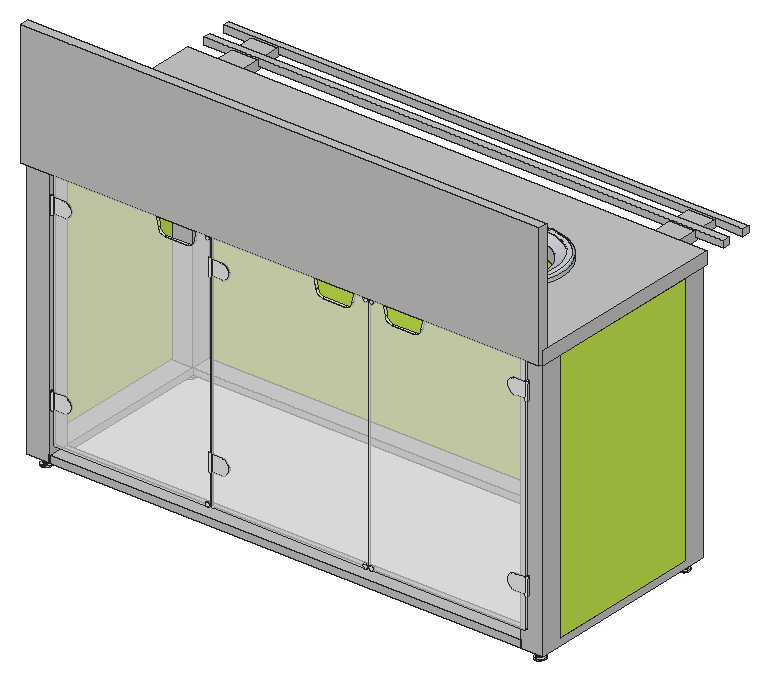
Revit family "QF_BOURGEAT_HARMONIE_3TVO_Modèles_hauteur_standard", category Equipement spécialisé, Revit 2015
Parameters (values of type "Modèle sur pieds - portes arrière")
  Vert = Vert
  URL catalogue = "http://www.bourgeat.fr"
  Type article = ""
  Spécification du Fabricant = "Table de tri harmonie"
  Sans Rampe sup [instance] = not([Rampe des 2 cotés (REF 858232)])  # yes
  Roulettes = no
  Rampe des 2 cotés (REF 858232) [instance] = no
  Profondeur hors tout = 761 mm
  Portes avant = no
  Portes arrière = yes
  Poids net à vide = 81.00 kg
  Pieds = yes
  Panneau avant = yes
  Panneau arrière = no
  Longueur hors tout = 1516 mm
  Inox = Acier inoxydable, poli
  URL = ""
  Modèle = "858213"
  Hauteur porte = 713 mm
  Hauteur plan de travail = 830 mm
  Hauteur hors tout = 1157 mm
  Fabricant = "BOURGEAT"
  Décalage du sol = 27 mm
  Description = ""
  Contact SAV = "0033(0)4.76.32.14.44"
  Type Comments = ""
Types (6, lengths in mm): name | Roulettes | Portes avant | Portes arrière | Pieds | Panneau avant | Panneau arrière | Modèle | Hauteur porte | Hauteur plan de travail | Décalage du sol
  Modèle sur pieds - sans portes | no | no | no | yes | no | yes | "858203" | 713 | 839 | 27
  Modèle sur pieds - portes arrière | no | no | yes | yes | yes | no | "858213" | 713 | 830 | 27
  Modèle sur pieds - portes avant | no | yes | no | yes | no | yes | "858223" | 713 | 830 | 27
  Modèle sur roues - sans portes | yes | no | no | no | no | yes | "858303" | 553 | 830 | 184
  Modèle sur roues - portes arrière | yes | no | yes | no | yes | no | "858313" | 553 | 830 | 184
  Modèle sur roues - portes avant | yes | yes | no | no | no | yes | "858323" | 553 | 830 | 184
Reference planes
  plane 1 "Centre (avant/arrière)": y = 0
  plane 2: z = 0
  plane 3 "Centre (gauche/droite)": x = 0
  plane 4: y = 760.8
  plane 5 "plan de tavail": z = 830
  plane 6: x = -1061
  plane 7: y = 12.163
  plane 8: y = 610.8
  plane 9: y = 310.8
  plane 10: x = -748
  plane 11: x = -313
  plane 12: x = -530.5
  plane 13: y = 399.3
  plane 14: y = 222.3
  plane 15: z = 1156.6
  plane 16: z = 27
  plane 17: z = 47
  plane 18: x = -37.607
  plane 19: y = 49.657
  plane 20: z = 79.5
  plane 21: z = 1163.8
  plane 22: x = -1516
  plane 23: y = -139.2
Forms (mm)
  Extrusion 1, solid, material "Acier inoxydable, poli" <- "Inox"
    sketch origin (0, 0, 830) x (0, 1, 0) y (-1, 0, 0)
      loop
        line (610.8, 1516) -> (12.163, 1516) -> (12.163, 0) -> (610.8, 0) -> (610.8, 1516)
      loop
        circle (309, 1193) r 134
      loop
        circle (309, 758) r 134
      loop
        circle (309, 323) r 134
    from 0 to -37.5
  Revolve 2, solid
    sketch origin (-322.988, 0, 0) x (0, 1, 0) y (0, 0, 1)
      loop
        line (404.3, 792.5) -> (444.8, 792.5) -> (444.8, 815.058) -> (449.8, 815.058) -> (449.8, 840)
        arc (449.8, 840) -> (448.336, 843.536) -> (444.8, 845) r 5
        line (444.8, 845) -> (430.281, 845) -> (404.3, 830) -> (404.3, 792.5)
      axis (310.8, 845) -> (310.8, 792.5)
    angle from 0 to 360
  Revolve 3, solid
    sketch origin (-757.988, 0, 0) x (0, 1, 0) y (0, 0, -1)
      loop
        line (404.3, -792.5) -> (404.3, -830) -> (430.281, -845) -> (444.8, -845)
        arc (444.8, -845) -> (448.336, -843.536) -> (449.8, -840) r 5
        line (449.8, -840) -> (449.8, -815.058) -> (444.8, -815.058) -> (444.8, -792.5) -> (404.3, -792.5)
      axis (310.8, -845) -> (310.8, -792.5)
    angle from 0 to 360
  Extrusion 4, solid, material "Acier inoxydable, poli" <- "Inox"
    sketch origin (0, 0, 0) x (0, 1, 0) y (0, 0, 1)
      loop
        line (760.8, 810) -> (760.8, 830) -> (740.8, 830) -> (740.8, 810) -> (760.8, 810)
      loop
        line (690.75, 810) -> (690.75, 830) -> (670.75, 830) -> (670.75, 810) -> (690.75, 810)
    from -1516 to 0
  Extrusion 5, solid, material "Acier inoxydable, poli" <- "Inox"
    sketch origin (0, 0, 0) x (0, 1, 0) y (0, 0, 1)
      loop
        line (602.75, 792.5) -> (541.136, 792.5) -> (541.136, 47) -> (80.464, 47) -> (80.464, 792.5) -> (18.85, 792.5) -> (18.85, 27) -> (602.75, 27) -> (602.75, 792.5)
    from -69.914 to -5.3
  Extrusion 6, solid, material "Vert" <- "Vert"
    sketch origin (-5.3, 0, 0) x (0, 1, 0) y (0, 0, 1)
      loop
        line (541.136, 47) -> (541.136, 785.3) -> (80.464, 785.3) -> (80.464, 47) -> (541.136, 47)
    from -1 to -3
  Extrusion 7, solid, material "Acier inoxydable, poli" <- "Inox"
    sketch origin (-1516, 0, 0) x (0, 1, 0) y (0, 0, -1)
      loop
        line (602.75, -792.5) -> (602.75, -27) -> (18.85, -27) -> (18.85, -792.5) -> (80.464, -792.5) -> (80.464, -47) -> (541.136, -47) -> (541.136, -792.5) -> (602.75, -792.5)
    from -69.914 to -5.3
  Extrusion 8, solid, material "Vert" <- "Vert"
    sketch origin (-1510.7, 0, 0) x (0, 1, 0) y (0, 0, -1)
      loop
        line (541.136, -47) -> (80.464, -47) -> (80.464, -785.3) -> (541.136, -785.3) -> (541.136, -47)
    from -1 to -3
  Extrusion 9, solid, material "Vert" <- "Vert", visible <- "Panneau arrière"
    sketch origin (-1516, 18.85, 27) x (0, 0, 1) y (-1, 0, 0)
      loop
        line (20, -69.914) -> (20, -1446.086) -> (758.3, -1446.086) -> (758.3, -69.914) -> (20, -69.914)
    from -3 to -1
  Extrusion 10, solid, material "Acier inoxydable, poli" <- "Inox"
    sketch origin (0, 0, 0) x (0, 1, 0) y (0, 0, 1)
      loop
        line (610.8, 796) -> (635.8, 796) -> (715.8, 803) -> (752.3, 803)
        arc (752.3, 803) -> (754.775, 804.025) -> (755.8, 806.5) r 3.5
        line (755.8, 806.5) -> (755.8, 825) -> (610.8, 825) -> (610.8, 796)
    from -156.964 to -83.036
  Extrusion 11, solid, material "Acier inoxydable, poli" <- "Inox"
    sketch origin (-1155, 0, 0) x (0, 1, 0) y (0, 0, 1)
      loop
        line (610.8, 796) -> (635.8, 796) -> (715.8, 803) -> (752.3, 803)
        arc (752.3, 803) -> (754.775, 804.025) -> (755.8, 806.5) r 3.5
        line (755.8, 806.5) -> (755.8, 825) -> (610.8, 825) -> (610.8, 796)
    from -278.5 to -203.5
  Revolve 12, solid, visible <- "Pieds"
    sketch origin (-37.45, -1524, 484.688) x (0, 0, 1) y (0, -1, 0)
      loop
        line (-457.188, -1559.5) -> (-460.688, -1559.5) -> (-462.188, -1561) -> (-462.188, -1563.65) -> (-472.188, -1563.65) -> (-472.188, -1564.5) -> (-478.188, -1564.5) -> (-478.188, -1563.65) -> (-479.084, -1563.65)
        arc (-479.084, -1563.65) -> (-479.601, -1563.506) -> (-479.969, -1563.116) r 1
        line (-479.969, -1563.116) -> (-482.907, -1557.534)
        arc (-482.907, -1557.534) -> (-483.275, -1557.144) -> (-483.792, -1557) r 1
        line (-483.792, -1557) -> (-484.688, -1557) -> (-484.688, -1572) -> (-457.188, -1572) -> (-457.188, -1559.5)
      axis (-457.188, -1572) -> (-484.688, -1572)
    angle from 0 to 360
  Revolve 13, solid, visible <- "Pieds"
    sketch origin (-37.45, -998.275, 484.688) x (0, 0, 1) y (0, -1, 0)
      loop
        line (-457.188, -1559.5) -> (-460.688, -1559.5) -> (-462.188, -1561) -> (-462.188, -1563.65) -> (-472.188, -1563.65) -> (-472.188, -1564.5) -> (-478.188, -1564.5) -> (-478.188, -1563.65) -> (-479.084, -1563.65)
        arc (-479.084, -1563.65) -> (-479.601, -1563.506) -> (-479.969, -1563.116) r 1
        line (-479.969, -1563.116) -> (-482.907, -1557.534)
        arc (-482.907, -1557.534) -> (-483.275, -1557.144) -> (-483.792, -1557) r 1
        line (-483.792, -1557) -> (-484.688, -1557) -> (-484.688, -1572) -> (-457.188, -1572) -> (-457.188, -1559.5)
      axis (-457.188, -1572) -> (-484.688, -1572)
    angle from 0 to 360
  Revolve 14, solid, visible <- "Pieds"
    sketch origin (-1478.55, -1524, 484.688) x (0, 0, 1) y (0, 1, 0)
      loop
        line (-457.188, 1559.5) -> (-457.188, 1572) -> (-484.688, 1572) -> (-484.688, 1557) -> (-483.792, 1557)
        arc (-483.792, 1557) -> (-483.275, 1557.144) -> (-482.907, 1557.534) r 1
        line (-482.907, 1557.534) -> (-479.969, 1563.116)
        arc (-479.969, 1563.116) -> (-479.601, 1563.506) -> (-479.084, 1563.65) r 1
        line (-479.084, 1563.65) -> (-478.188, 1563.65) -> (-478.188, 1564.5) -> (-472.188, 1564.5) -> (-472.188, 1563.65) -> (-462.188, 1563.65) -> (-462.188, 1561) -> (-460.688, 1559.5) -> (-457.188, 1559.5)
      axis (-457.188, 1572) -> (-484.688, 1572)
    angle from 0 to 360
  Revolve 15, solid, visible <- "Pieds"
    sketch origin (-1478.55, -998.275, 484.688) x (0, 0, 1) y (0, 1, 0)
      loop
        line (-457.188, 1559.5) -> (-457.188, 1572) -> (-484.688, 1572) -> (-484.688, 1557) -> (-483.792, 1557)
        arc (-483.792, 1557) -> (-483.275, 1557.144) -> (-482.907, 1557.534) r 1
        line (-482.907, 1557.534) -> (-479.969, 1563.116)
        arc (-479.969, 1563.116) -> (-479.601, 1563.506) -> (-479.084, 1563.65) r 1
        line (-479.084, 1563.65) -> (-478.188, 1563.65) -> (-478.188, 1564.5) -> (-472.188, 1564.5) -> (-472.188, 1563.65) -> (-462.188, 1563.65) -> (-462.188, 1561) -> (-460.688, 1559.5) -> (-457.188, 1559.5)
      axis (-457.188, 1572) -> (-484.688, 1572)
    angle from 0 to 360
  Extrusion 16, solid, material "Acier inoxydable, poli" <- "Inox", visible <- "Sans Rampe sup"
    sketch origin (0, 0, 0) x (0, 1, 0) y (0, 0, 1)
      loop
        line (27, 1156.6) -> (0, 1156.6) -> (0, 795.1) -> (9.8, 795.1) -> (9.8, 831.6) -> (27, 831.6) -> (27, 1156.6)
    from -1516 to -2
  Extrusion 17, solid, material "Acier inoxydable, poli" <- "Inox", visible <- "Panneau avant"
    sketch origin (-659.024, 1039.66, 0) x (1, 0, 0) y (0, 0, -1)
      loop
        line (-787.062, -27) -> (-787.062, -47) -> (589.11, -47) -> (589.11, -27) -> (-787.062, -27)
    from -498.525 to -436.91
  Extrusion 18, solid, material "Vert" <- "Vert", visible <- "Panneau avant"
    sketch origin (-1061, 602.75, 27.5) x (0, 0, 1) y (1, 0, 0)
      loop
        line (-0.5, -386.782) -> (757.8, -386.782) -> (757.8, 989.086) -> (-0.5, 989.086) -> (-0.5, -386.782)
    from -3 to -1
  Extrusion 19, solid, material "Acier inoxydable, poli" <- "Inox", visible <- "Panneau avant"
    sketch origin (-659.024, -418.06, 0) x (1, 0, 0) y (0, 0, 1)
      loop
        line (-788.758, 27) -> (589.11, 27) -> (589.11, 47) -> (-788.758, 47) -> (-788.758, 27)
    from -498.525 to -436.91
  Revolve 20, solid
    sketch origin (-1198, 0, 0) x (0, 1, 0) y (0, 0, -1)
      loop
        line (404.3, -792.5) -> (404.3, -830) -> (430.281, -845) -> (444.8, -845)
        arc (444.8, -845) -> (448.336, -843.536) -> (449.8, -840) r 5
        line (449.8, -840) -> (449.8, -815.058) -> (444.8, -815.058) -> (444.8, -792.5) -> (404.3, -792.5)
      axis (310.8, -845) -> (310.8, -792.5)
    angle from 0 to 360
  Extrusion 21, solid, material "Acier inoxydable, poli" <- "Inox", visible <- "Rampe des 2 cotés (REF 858232)"
    sketch origin (0, 621.6, 0) x (0, -1, 0) y (0, 0, -1)
      loop
        line (760.8, -810) -> (740.8, -810) -> (740.8, -830) -> (760.8, -830) -> (760.8, -810)
      loop
        line (690.75, -810) -> (670.75, -810) -> (670.75, -830) -> (690.75, -830) -> (690.75, -810)
    from -1516 to 0
  Extrusion 22, solid, material "Acier inoxydable, poli" <- "Inox", visible <- "Rampe des 2 cotés (REF 858232)"
    sketch origin (0, 621.6, 0) x (0, -1, 0) y (0, 0, -1)
      loop
        line (610.8, -796) -> (610.8, -825) -> (755.8, -825) -> (755.8, -806.5)
        arc (755.8, -806.5) -> (754.775, -804.025) -> (752.3, -803) r 3.5
        line (752.3, -803) -> (715.8, -803) -> (635.8, -796) -> (610.8, -796)
    from -156.964 to -83.036
  Extrusion 23, solid, material "Acier inoxydable, poli" <- "Inox", visible <- "Rampe des 2 cotés (REF 858232)"
    sketch origin (-1155, 621.6, 0) x (0, -1, 0) y (0, 0, -1)
      loop
        line (610.8, -796) -> (610.8, -825) -> (755.8, -825) -> (755.8, -806.5)
        arc (755.8, -806.5) -> (754.775, -804.025) -> (752.3, -803) r 3.5
        line (752.3, -803) -> (715.8, -803) -> (635.8, -796) -> (610.8, -796)
    from -278.5 to -203.5
Cuts and joins
  joined: Extrusion 4, Extrusion 10, Extrusion 11
Lines and regions (mm)
  symbolic lines, style "SpecialityEquipmentHiddenLines", visible <- "Portes avant"
    curve 1: line (-69.914, 610.75, 830) -> (-530.5, 1071.336, 830)
    curve 2: line (-530.5, 1071.336, 830) -> (-991.086, 610.75, 830)
    curve 3: line (-1446.077, 610.75, 830) -> (-1446.077, 1065.742, 830)
    curve 4: arc (-991.086, 610.75, 830) -> (-1124.35, 932.478, 830) -> (-1446.077, 1065.742, 830) r 454.992
  symbolic lines, style "SpecialityEquipmentHiddenLines", visible <- "Portes arrière"
    curve 5: line (-1426.086, 10.85, 830) -> (-965.5, -449.736, 830)
    curve 6: line (-965.5, -449.736, 830) -> (-504.914, 10.85, 830)
    curve 7: line (-49.923, 10.85, 830) -> (-49.923, -444.142, 830)
    curve 8: arc (-504.914, 10.85, 830) -> (-371.65, -310.878, 830) -> (-49.923, -444.142, 830) r 454.992
Dimensions and locks
  equal spacing: plane 6, plane 12, plane 3 "Centre (gauche/droite)"
  "Hauteur plan de travail": plane 5 "plan de tavail" to level
  "Décalage du sol": plane 16 to plane 2
  locked: plane 17 to plane 16 at 20
  aligned and locked: level to plane 2
  aligned and locked: Extrusion 16 to plane 15
  aligned and locked: plane 16 to Extrusion 18
  aligned and locked: plane 16 to Extrusion 17
  aligned and locked: Extrusion 17 to Extrusion 5
  aligned and locked: plane 17 to Extrusion 17 sketch curve
  aligned and locked: plane 17 to Extrusion 5 sketch curve
  aligned and locked: plane 16 to Extrusion 5 sketch curve
  aligned and locked: plane 17 to Extrusion 7 sketch curve
  aligned and locked: plane 16 to Extrusion 7 sketch curve
Automatic sketch dimensions
  Extrusion 1 sketch curve to plane 3 "Centre (gauche/droite)" = 0 mm
  plane 7 to Extrusion 1 sketch curve = 0 mm
  plane 8 to Extrusion 1 sketch curve = 0 mm
  Extrusion 1 sketch curve to plane 9 = 1.8 mm  (x3)
  Extrusion 1 sketch curve to plane 11 = 10 mm
  Extrusion 1 sketch curve to plane 10 = 10 mm
  plane 6 to Extrusion 1 sketch curve = 132 mm
  plane 22 to Extrusion 1 sketch curve = 0 mm
  Revolve 2 sketch curve to plane 9 = 0 mm
  Revolve 2 sketch curve to plane 5 "plan de tavail" = 0 mm
  Revolve 2 sketch curve to plane 13 = 5 mm
  Revolve 2 sketch curve to Revolve 2 sketch curve = 25.981 mm
  plane 5 "plan de tavail" to Revolve 2 sketch curve = 10 mm
  Revolve 2 sketch curve to Revolve 2 sketch curve = 14.519 mm
  Revolve 2 sketch curve to Revolve 2 sketch curve = 40.5 mm
  Revolve 2 sketch curve to Revolve 2 sketch curve = 5 mm
  Revolve 2 sketch curve to plane 5 "plan de tavail" = 14.942 mm
  Revolve 2 sketch curve to plane 5 "plan de tavail" = 37.5 mm
  Revolve 2 sketch curve to plane 5 "plan de tavail" = 75 mm
  plane 5 "plan de tavail" to Revolve 2 sketch curve = 125 mm
  curve 1 to plane 12 = 0 mm
  curve 5 to plane 6 = 95.5 mm
  curve 5 to plane 23 = 310.536 mm
  plane 18 to curve 7 = 12.315 mm
  curve 7 to plane 23 = 304.942 mm
  plane 7 to curve 6 = 1.313 mm
  plane 8 to curve 4 = 0.05 mm
  plane 22 to curve 3 = 69.923 mm
  curve 3 to plane 4 = 304.942 mm
  curve 1 to plane 4 = 310.536 mm
  curve 7 to curve 8 = 0 mm
  plane 7 to curve 5 = 1.313 mm
  curve 3 to curve 4 = 0 mm
  plane 8 to curve 1 = 0.05 mm
  Revolve 3 sketch curve to plane 9 = 0 mm
  Revolve 3 sketch curve to plane 5 "plan de tavail" = 0 mm
  Revolve 3 sketch curve to plane 13 = 5 mm
  Revolve 3 sketch curve to Revolve 3 sketch curve = 25.981 mm
  plane 5 "plan de tavail" to Revolve 3 sketch curve = 10 mm
  Revolve 3 sketch curve to Revolve 3 sketch curve = 14.519 mm
  Revolve 3 sketch curve to Revolve 3 sketch curve = 40.5 mm
  Revolve 3 sketch curve to Revolve 3 sketch curve = 5 mm
  Revolve 3 sketch curve to plane 5 "plan de tavail" = 14.942 mm
  Revolve 3 sketch curve to plane 5 "plan de tavail" = 37.5 mm
  plane 5 "plan de tavail" to Revolve 3 sketch curve = 125 mm
  Revolve 3 sketch curve to plane 5 "plan de tavail" = 75 mm
  Extrusion 4 sketch curve to plane 5 "plan de tavail" = 0 mm  (x2)
  Extrusion 4 sketch curve to plane 4 = 0 mm
  plane 4 to Extrusion 4 sketch curve = 20 mm
  Extrusion 4 sketch curve to plane 5 "plan de tavail" = 20 mm  (x2)
  Extrusion 4 sketch curve to Extrusion 4 sketch curve = 50.05 mm
  Extrusion 4 sketch curve to Extrusion 4 sketch curve = 20 mm
  Extrusion 5 sketch curve to plane 7 = 6.687 mm
  plane 19 to Extrusion 5 sketch curve = 30.807 mm
  plane 8 to Extrusion 5 sketch curve = 69.664 mm
  plane 8 to Extrusion 5 sketch curve = 8.05 mm
  Extrusion 5 sketch curve to plane 5 "plan de tavail" = 37.5 mm  (x2)
  Extrusion 6 sketch curve to Extrusion 5 = 0 mm  (x3)
  Extrusion 6 sketch curve to Extrusion 5 = 7.2 mm
  Extrusion 7 sketch curve to plane 7 = 6.687 mm
  plane 19 to Extrusion 7 sketch curve = 30.807 mm
  plane 8 to Extrusion 7 sketch curve = 69.664 mm
  plane 8 to Extrusion 7 sketch curve = 8.05 mm
  Extrusion 7 sketch curve to plane 5 "plan de tavail" = 37.5 mm  (x2)
  Extrusion 8 sketch curve to Extrusion 7 = 0 mm  (x3)
  Extrusion 8 sketch curve to Extrusion 7 = 7.2 mm
  Extrusion 7 to Extrusion 9 sketch curve = 0 mm
  Extrusion 9 sketch curve to Extrusion 7 = 20 mm
  Extrusion 7 to Extrusion 9 sketch curve = 7.2 mm
  Extrusion 9 sketch curve to Extrusion 7 = 1376.172 mm
  Extrusion 10 sketch curve to plane 8 = 0 mm
  Extrusion 10 sketch curve to Extrusion 10 sketch curve = 25 mm
  Extrusion 10 sketch curve to plane 5 "plan de tavail" = 27 mm
  plane 4 to Extrusion 10 sketch curve = 45 mm
  plane 4 to Extrusion 10 sketch curve = 8.5 mm
  plane 4 to Extrusion 10 sketch curve = 5 mm
  Extrusion 10 sketch curve to plane 5 "plan de tavail" = 34 mm
  Extrusion 10 sketch curve to plane 5 "plan de tavail" = 5 mm
  Extrusion 11 sketch curve to plane 8 = 0 mm
  Extrusion 11 sketch curve to plane 8 = 25 mm
  Extrusion 11 sketch curve to plane 5 "plan de tavail" = 27 mm
  plane 4 to Extrusion 11 sketch curve = 45 mm
  plane 4 to Extrusion 11 sketch curve = 8.5 mm
  plane 4 to Extrusion 11 sketch curve = 5 mm
  Extrusion 11 sketch curve to plane 5 "plan de tavail" = 34 mm
  Extrusion 11 sketch curve to plane 5 "plan de tavail" = 5 mm
  Revolve 12 sketch curve to level = 0 mm
  level to Revolve 12 sketch curve = 0.896 mm
  Revolve 12 sketch curve to Revolve 12 sketch curve = 0.885 mm  (x2)
  level to Revolve 12 sketch curve = 4.719 mm
  Revolve 12 sketch curve to Revolve 12 sketch curve = 0.896 mm
  Revolve 12 sketch curve to Revolve 12 sketch curve = 6 mm
  Revolve 12 sketch curve to Revolve 12 sketch curve = 10 mm
  Revolve 12 sketch curve to Revolve 12 sketch curve = 1.5 mm  (x2)
  Revolve 12 sketch curve to Revolve 12 sketch curve = 3.5 mm
  Revolve 12 sketch curve to plane 19 = 1.657 mm  (x2)
  Revolve 12 sketch curve to plane 19 = 9.157 mm
  Revolve 12 sketch curve to Revolve 12 sketch curve = 0.85 mm  (x2)
  Revolve 12 sketch curve to Revolve 12 sketch curve = 0.534 mm
  Revolve 12 sketch curve to Revolve 12 sketch curve = 2.65 mm
  Revolve 12 sketch curve to Revolve 12 sketch curve = 5.116 mm
  Revolve 12 sketch curve to Revolve 12 sketch curve = 0.466 mm
  Revolve 12 sketch curve to level = 11 mm
  Revolve 12 sketch curve to Revolve 12 sketch curve = 11.5 mm
  Revolve 13 sketch curve to level = 0 mm
  level to Revolve 13 sketch curve = 0.896 mm
  Revolve 13 sketch curve to Revolve 13 sketch curve = 0.885 mm  (x2)
  level to Revolve 13 sketch curve = 4.719 mm
  Revolve 13 sketch curve to Revolve 13 sketch curve = 0.896 mm
  Revolve 13 sketch curve to Revolve 13 sketch curve = 6 mm
  Revolve 13 sketch curve to Revolve 13 sketch curve = 10 mm
  Revolve 13 sketch curve to Revolve 13 sketch curve = 1.5 mm  (x2)
  Revolve 13 sketch curve to Revolve 13 sketch curve = 3.5 mm
  plane 8 to Revolve 13 sketch curve = 37.075 mm
  Revolve 13 sketch curve to Revolve 13 sketch curve = 7.5 mm
  Revolve 13 sketch curve to Revolve 13 sketch curve = 0.85 mm  (x2)
  Revolve 13 sketch curve to Revolve 13 sketch curve = 0.534 mm
  Revolve 13 sketch curve to Revolve 13 sketch curve = 2.65 mm
  Revolve 13 sketch curve to Revolve 13 sketch curve = 5.116 mm
  Revolve 13 sketch curve to Revolve 13 sketch curve = 0.466 mm
  Revolve 13 sketch curve to level = 11 mm
  Revolve 13 sketch curve to Revolve 13 sketch curve = 11.5 mm
  Revolve 13 sketch curve to Revolve 13 sketch curve = 0 mm
  Revolve 14 sketch curve to level = 0 mm
  level to Revolve 14 sketch curve = 0.896 mm
  Revolve 14 sketch curve to Revolve 14 sketch curve = 0.885 mm  (x2)
  level to Revolve 14 sketch curve = 4.719 mm
  Revolve 14 sketch curve to Revolve 14 sketch curve = 0.896 mm
  Revolve 14 sketch curve to Revolve 14 sketch curve = 6 mm
  Revolve 14 sketch curve to Revolve 14 sketch curve = 10 mm
  Revolve 14 sketch curve to Revolve 14 sketch curve = 1.5 mm  (x2)
  Revolve 14 sketch curve to Revolve 14 sketch curve = 3.5 mm
  Revolve 14 sketch curve to plane 19 = 16.657 mm
  Revolve 14 sketch curve to Revolve 14 sketch curve = 0.534 mm
  Revolve 14 sketch curve to plane 19 = 14.157 mm
  Revolve 14 sketch curve to Revolve 14 sketch curve = 5.116 mm
  Revolve 14 sketch curve to Revolve 14 sketch curve = 0.466 mm
  Revolve 14 sketch curve to Revolve 14 sketch curve = 0 mm
  Revolve 14 sketch curve to Revolve 14 sketch curve = 0.85 mm
  Revolve 14 sketch curve to plane 19 = 1.657 mm  (x2)
  Revolve 14 sketch curve to level = 11 mm
  Revolve 14 sketch curve to Revolve 14 sketch curve = 11.5 mm
  Revolve 15 sketch curve to level = 0 mm
  level to Revolve 15 sketch curve = 0.896 mm
  Revolve 15 sketch curve to Revolve 15 sketch curve = 0.885 mm  (x2)
  level to Revolve 15 sketch curve = 4.719 mm
  Revolve 15 sketch curve to Revolve 15 sketch curve = 0.896 mm
  Revolve 15 sketch curve to Revolve 15 sketch curve = 6 mm
  Revolve 15 sketch curve to Revolve 15 sketch curve = 10 mm
  Revolve 15 sketch curve to Revolve 15 sketch curve = 1.5 mm  (x2)
  Revolve 15 sketch curve to Revolve 15 sketch curve = 3.5 mm
  plane 8 to Revolve 15 sketch curve = 52.075 mm
  Revolve 15 sketch curve to Revolve 15 sketch curve = 0.534 mm
  Revolve 15 sketch curve to Revolve 15 sketch curve = 1.966 mm
  Revolve 15 sketch curve to Revolve 15 sketch curve = 5.116 mm
  Revolve 15 sketch curve to Revolve 15 sketch curve = 0.466 mm
  Revolve 15 sketch curve to Revolve 15 sketch curve = 0 mm  (x2)
  Revolve 15 sketch curve to Revolve 15 sketch curve = 0.85 mm
  Revolve 15 sketch curve to Revolve 15 sketch curve = 7.5 mm
  Revolve 15 sketch curve to level = 11 mm
  Revolve 15 sketch curve to Revolve 15 sketch curve = 11.5 mm
  Extrusion 16 sketch curve to plane 1 "Centre (avant/arrière)" = 0 mm
  plane 15 to Extrusion 16 sketch curve = 0 mm
  plane 7 to Extrusion 16 sketch curve = 2.363 mm
  plane 5 "plan de tavail" to Extrusion 16 sketch curve = 1.6 mm
  Extrusion 16 sketch curve to plane 7 = 14.837 mm
  Extrusion 16 sketch curve to plane 5 "plan de tavail" = 34.9 mm
  Extrusion 17 sketch curve to plane 16 = 0 mm
  plane 22 to Extrusion 17 sketch curve = 69.914 mm
  plane 18 to Extrusion 17 sketch curve = 32.307 mm
  Extrusion 18 sketch curve to plane 16 = 0 mm
  Extrusion 18 sketch curve to plane 5 "plan de tavail" = 44.7 mm
  plane 22 to Extrusion 18 sketch curve = 68.218 mm
  plane 18 to Extrusion 18 sketch curve = 34.307 mm
  Extrusion 19 sketch curve to plane 17 = 0 mm
  Extrusion 19 sketch curve to plane 16 = 0 mm
  plane 22 to Extrusion 19 sketch curve = 68.218 mm
  plane 18 to Extrusion 19 sketch curve = 32.307 mm
  Revolve 20 sketch curve to plane 9 = 0 mm
  Revolve 20 sketch curve to plane 5 "plan de tavail" = 0 mm
  Revolve 20 sketch curve to plane 13 = 5 mm
  Revolve 20 sketch curve to Revolve 20 sketch curve = 25.981 mm
  plane 5 "plan de tavail" to Revolve 20 sketch curve = 10 mm
  Revolve 20 sketch curve to Revolve 20 sketch curve = 14.519 mm
  Revolve 20 sketch curve to Revolve 20 sketch curve = 40.5 mm
  Revolve 20 sketch curve to Revolve 20 sketch curve = 5 mm
  Revolve 20 sketch curve to plane 5 "plan de tavail" = 14.942 mm
  Revolve 20 sketch curve to plane 5 "plan de tavail" = 37.5 mm
  plane 5 "plan de tavail" to Revolve 20 sketch curve = 125 mm
  Revolve 20 sketch curve to plane 5 "plan de tavail" = 75 mm
  Extrusion 21 sketch curve to plane 5 "plan de tavail" = 0 mm  (x2)
  Extrusion 21 sketch curve to plane 23 = 0 mm
  Extrusion 21 sketch curve to Extrusion 21 sketch curve = 20 mm  (x2)
  plane 5 "plan de tavail" to Extrusion 21 sketch curve = 20 mm  (x2)
  Extrusion 21 sketch curve to Extrusion 21 sketch curve = 50.05 mm
  plane 7 to Extrusion 22 sketch curve = 1.363 mm
  plane 1 "Centre (avant/arrière)" to Extrusion 22 sketch curve = 14.2 mm
  Extrusion 22 sketch curve to plane 5 "plan de tavail" = 27 mm
  plane 23 to Extrusion 22 sketch curve = 45 mm
  plane 23 to Extrusion 22 sketch curve = 8.5 mm
  plane 23 to Extrusion 22 sketch curve = 5 mm
  Extrusion 22 sketch curve to plane 5 "plan de tavail" = 5 mm
  Extrusion 22 sketch curve to plane 5 "plan de tavail" = 34 mm
  plane 7 to Extrusion 23 sketch curve = 1.363 mm
  plane 1 "Centre (avant/arrière)" to Extrusion 23 sketch curve = 14.2 mm
  Extrusion 23 sketch curve to plane 5 "plan de tavail" = 27 mm
  plane 23 to Extrusion 23 sketch curve = 45 mm
  plane 23 to Extrusion 23 sketch curve = 8.5 mm
  plane 23 to Extrusion 23 sketch curve = 5 mm
  Extrusion 23 sketch curve to plane 5 "plan de tavail" = 5 mm
  Extrusion 23 sketch curve to plane 5 "plan de tavail" = 34 mm
  radius of Extrusion 1 sketch curve = 134 mm  (x3)
Nested families
  nested 1: "Porte" at (-69.914, 602.75, 82.5) x (-1, 0, 0) z (0, 0, 1), visible <- "Portes avant", type "Porte"
    with Hauteur 713 mm
  nested 2: "ROULETTE" at (-37.607, 49.657, 0) x (0, -1, 0) z (0, 0, 1), visible <- "Roulettes", type "ROULETTE"
    with Sans frein yes, Avec frein yes
  nested 3: "ROULETTE" at (-1478.393, 49.657, 0) x (0, -1, 0) z (0, 0, 1), visible <- "Roulettes", type "ROULETTE"
    with Sans frein yes, Avec frein yes
  nested 4: "ROULETTE" at (-37.607, 571.943, 0) x (0, 1, 0) z (0, 0, 1), visible <- "Roulettes", type "ROULETTE"
    with Sans frein yes, Avec frein yes
  nested 5: "ROULETTE" at (-1478.393, 571.943, 0) x (0, 1, 0) z (0, 0, 1), visible <- "Roulettes", type "ROULETTE"
    with Sans frein yes, Avec frein yes
  nested 6: "Porte" at (-530.5, 602.75, 82.5) x (-1, 0, 0) z (0, 0, 1), visible <- "Portes avant", type "Porte"
    with Hauteur 713 mm
  nested 7: "Porte" at (-1446.086, 602.75, 82.5), visible <- "Portes avant", type "Porte"
    with Hauteur 713 mm
  nested 8: "Porte" at (-1426.086, 18.85, 82.5), visible <- "Portes arrière", type "Porte"
    with Hauteur 713 mm
  nested 9: "Porte" at (-965.5, 18.85, 82.5), visible <- "Portes arrière", type "Porte"
    with Hauteur 713 mm
  nested 10: "Porte" at (-49.914, 18.85, 82.5) x (-1, 0, 0) z (0, 0, 1), visible <- "Portes arrière", type "Porte"
    with Hauteur 713 mm
Definition of nested family "Porte"
  Parameters (values of type "Porte")
    Hauteur = 540 mm
  Reference planes
    plane 1 "Centre (avant/arrière)": y = 0
    plane 2: z = 0
    plane 3 "Centre (gauche/droite)": x = 0
    plane 4: z = 710
    plane 5: z = 170
    plane 6: z = 267.555
    plane 7: x = 457
  Forms (mm)
    Extrusion 1, solid
      sketch origin (0, 0, 0) x (1, 0, 0) y (0, 0, 1)
        loop
          line (291.28, 710) -> (5, 710)
          arc (5, 710) -> (1.464, 708.536) -> (0, 705) r 5
          line (0, 705) -> (0, 175)
          arc (0, 175) -> (1.464, 171.464) -> (5, 170) r 5
          line (5, 170) -> (452, 170)
          arc (452, 170) -> (455.536, 171.464) -> (457, 175) r 5
          line (457, 175) -> (457, 705)
          arc (457, 705) -> (455.536, 708.536) -> (452, 710) r 5
          line (452, 710) -> (422.72, 710)
          arc (422.72, 710) -> (416.159, 707.547) -> (412.817, 701.392) r 10
          line (412.817, 701.392) -> (409.42, 677.217)
          arc (409.42, 677.217) -> (402.735, 664.906) -> (389.614, 660) r 20
          line (389.614, 660) -> (324.386, 660)
          arc (324.386, 660) -> (311.265, 664.906) -> (304.58, 677.217) r 20
          line (304.58, 677.217) -> (301.183, 701.392)
          arc (301.183, 701.392) -> (297.841, 707.547) -> (291.28, 710) r 10
      from 0 to 8
    Extrusion 2, solid
      sketch origin (0, -8, 0) x (1, 0, 0) y (0, 0, 1)
        loop
          line (0, 650.5) -> (0, 605.5) -> (29, 605.5)
          arc (29, 605.5) -> (51.5, 628) -> (29, 650.5) r 22.5
          line (29, 650.5) -> (0, 650.5)
      from 0 to 1
    Extrusion 3, solid
      sketch origin (-3.742, 0, 0) x (1, 0, 0) y (0, 1, 0)
        loop
          circle (0, -8) r 3.75
      from 603 to 653.498
    Extrusion 4, solid
      sketch origin (0, -8, 0) x (1, 0, 0) y (0, 0, 1)
        loop
          circle (449, 702) r 6.5
      from 0 to 1
    Extrusion 5, solid
      sketch origin (0, -8, -694) x (1, 0, 0) y (0, 0, 1)
        loop
          circle (449, 872) r 6.5
      from 0 to 1
    Extrusion 6, solid
      sketch origin (0, -8, -337.945) x (1, 0, 0) y (0, 0, 1)
        loop
          line (0, 650.5) -> (0, 605.5) -> (29, 605.5)
          arc (29, 605.5) -> (51.5, 628) -> (29, 650.5) r 22.5
          line (29, 650.5) -> (0, 650.5)
      from 0 to 1
    Extrusion 7, solid
      sketch origin (-3.742, 0, -337.945) x (1, 0, 0) y (0, 1, 0)
        loop
          circle (0, -8) r 3.75
      from 603 to 653.498
    Extrusion 8, solid, not visible
      sketch origin (0, -8, -575) x (1, 0, 0) y (0, 0, 1)
        loop
          line (0, 650.5) -> (0, 605.5) -> (29, 605.5)
          arc (29, 605.5) -> (51.5, 628) -> (29, 650.5) r 22.5
          line (29, 650.5) -> (0, 650.5)
      from 0 to 1
    Extrusion 9, solid, not visible
      sketch origin (-3.742, 0, -575) x (1, 0, 0) y (0, 1, 0)
        loop
          circle (0, -8) r 3.75
      from 603 to 653.498
  Dimensions and locks
    locked: plane 4 to level at 710
    "Hauteur": plane 4 to plane 5
    plane 6 to plane 5 = 97.555 mm
    locked: plane 7 to plane 3 "Centre (gauche/droite)" at 457
    aligned and locked: level to plane 2
    aligned and locked: Extrusion 6 to plane 6
    aligned and locked: plane 7 to Extrusion 1 sketch curve
    aligned and locked: Extrusion 1 sketch curve to plane 5
  Automatic sketch dimensions
    Extrusion 2 sketch curve to plane 3 "Centre (gauche/droite)" = 0 mm
    plane 3 "Centre (gauche/droite)" to Extrusion 2 sketch curve = 29 mm
    Extrusion 2 sketch curve to plane 4 = 104.5 mm
    Extrusion 2 sketch curve to Extrusion 2 sketch curve = 22.5 mm
    Extrusion 3 sketch curve to plane 3 "Centre (gauche/droite)" = 3.742 mm
    plane 1 "Centre (avant/arrière)" to Extrusion 3 sketch curve = 8 mm
    Extrusion 4 sketch curve to Extrusion 1 = 8 mm  (x2)
    Extrusion 5 sketch curve to Extrusion 1 = 8 mm  (x2)
    Extrusion 6 sketch curve to Extrusion 6 sketch curve = 22.5 mm
    Extrusion 6 sketch curve to Extrusion 6 sketch curve = 29 mm
    Extrusion 8 sketch curve to Extrusion 8 sketch curve = 22.5 mm
    Extrusion 8 sketch curve to Extrusion 8 sketch curve = 29 mm
    Extrusion 1 sketch curve to plane 3 "Centre (gauche/droite)" = 0 mm
    Extrusion 1 sketch curve to plane 4 = 0 mm  (x2)
    plane 3 "Centre (gauche/droite)" to Extrusion 1 sketch curve = 5 mm  (x2)
    Extrusion 1 sketch curve to plane 4 = 10 mm
    Extrusion 1 sketch curve to plane 7 = 165.72 mm
    Extrusion 1 sketch curve to plane 4 = 8.608 mm  (x2)
    Extrusion 1 sketch curve to plane 4 = 32.783 mm
    Extrusion 1 sketch curve to Extrusion 1 sketch curve = 3.398 mm  (x2)
    Extrusion 1 sketch curve to Extrusion 1 sketch curve = 19.805 mm  (x2)
    Extrusion 1 sketch curve to plane 4 = 30 mm
    Extrusion 1 sketch curve to Extrusion 1 sketch curve = 65.229 mm
    Extrusion 1 sketch curve to Extrusion 1 sketch curve = 9.903 mm
    Extrusion 1 sketch curve to plane 7 = 5 mm  (x2)
    Extrusion 1 sketch curve to Extrusion 1 sketch curve = 20 mm
    radius of Extrusion 3 sketch curve = 3.75 mm
    radius of Extrusion 4 sketch curve = 6.5 mm
    radius of Extrusion 5 sketch curve = 6.5 mm
    radius of Extrusion 7 sketch curve = 3.75 mm
    radius of Extrusion 9 sketch curve = 3.75 mm
Definition of nested family "ROULETTE"
  Parameters (values of type "ROULETTE")
    Sans frein [instance] = yes
    Avec frein [instance] = yes
  Reference planes
    plane 1 "Centre (avant/arrière)": y = 0
    plane 2: z = 0
    plane 3 "Centre (gauche/droite)": x = 0
    plane 4: y = 40.851
    plane 5: z = 62.5
  Forms (mm)
    Extrusion 1, solid
      sketch origin (0, 0, 0) x (0, 1, 0) y (0, 0, 1)
        loop
          circle (40.851, 62.5) r 62.5
        loop
          circle (40.851, 62.5) r 57.5
      from -12.5 to 12.5
    Revolve 2, solid
      sketch origin (0, 0, 30.333) x (1, 0, 0) y (0, 0, 1)
        loop
          line (0, 151.667) -> (-25, 151.667) -> (-45.338, 146.217)
          arc (-45.338, 146.217) -> (-46.897, 145.175) -> (-47.5, 143.4) r 2.917
          line (-47.5, 143.4) -> (-47.5, 138.833)
          arc (-47.5, 138.833) -> (-47.012, 137.655) -> (-45.833, 137.167) r 1.667
          line (-45.833, 137.167) -> (-24.607, 137.167) -> (-24, 132.667) -> (0, 132.667) -> (0, 151.667)
        axis (0, 151.667) -> (0, 132.667)
      angle from 0 to 360
    Revolve 3, solid
      sketch origin (0, 0, 0) x (0, 1, 0) y (0, 0, 1)
        loop
          line (0, 163) -> (-20.149, 163) -> (-20.149, 159.41) -> (-21.6, 159.41)
          arc (-21.6, 159.41) -> (-24.448, 158.65) -> (-26.537, 156.572) r 5.712
          line (-26.537, 156.572) -> (-30.146, 147.743) -> (-26.999, 147.062) -> (-26.999, 146.112)
          arc (-26.999, 146.112) -> (-27.23, 145.314) -> (-27.849, 144.761) r 1.5
          arc (-27.849, 144.761) -> (-29.223, 143.633) -> (-29.923, 142) r 3.75
          line (-29.923, 142) -> (0, 142) -> (0, 163)
        axis (0, 163) -> (0, 142)
      angle from 0 to 360
    Extrusion 4, solid
      sketch origin (0, 0, 0) x (0, 1, 0) y (0, 0, -1)
        loop
          line (-29.974, -138.241) -> (-29.974, -142) -> (21.747, -142) -> (21.747, -60.336)
          arc (21.747, -60.336) -> (10.272, -70.702) -> (-0.149, -82.127) r 160.057
          arc (-0.149, -82.127) -> (-17.883, -108.684) -> (-29.974, -138.241) r 159.585
      from -24.913 to -23.038
    Extrusion 5, solid
      sketch origin (0, 0, 0) x (0, 1, 0) y (0, 0, 1)
        loop
          line (-29.974, 142) -> (-29.974, 140.869) -> (21.747, 140.869) -> (21.747, 142) -> (-29.974, 142)
      from -23.038 to 23.038
    Extrusion 6, solid
      sketch origin (0, 0, 0) x (0, 1, 0) y (0, 0, 1)
        loop
          circle (40.851, 62.5) r 57.5
        loop
          circle (40.851, 62.5) r 55
      from -12.5 to 12.5
    Extrusion 7, solid
      sketch origin (0, 0, 0) x (0, 1, 0) y (0, 0, 1)
        loop
          circle (40.851, 62.5) r 55
      from -7 to 7
    Extrusion 8, solid
      sketch origin (0, 0, 0) x (0, 1, 0) y (0, 0, 1)
        loop
          circle (40.851, 62.5) r 21
      from 7 to 15
    Extrusion 9, solid
      sketch origin (0, 0, 0) x (0, 1, 0) y (0, 0, -1)
        loop
          circle (40.851, -62.5) r 16
      from -23.038 to -15
    Extrusion 10, solid, visible <- "Sans frein"
      sketch origin (0, 0, 0) x (0, 1, 0) y (0, 0, 1)
        loop
          arc (21.747, 60.336) -> (23.188, 59.17) -> (24.642, 58.02) r 161.23
          arc (24.642, 58.02) -> (29.34, 54.513) -> (34.187, 51.216) r 133.333
          arc (34.187, 51.216) -> (46.517, 50.3) -> (53.927, 60.198) r 12.867
          arc (53.927, 60.198) -> (54.714, 99.183) -> (46.119, 137.216) r 161.222
          arc (46.119, 137.216) -> (45.679, 138.887) -> (45.531, 140.609) r 10.076
          line (45.531, 140.609) -> (45.531, 142) -> (21.747, 142) -> (21.747, 60.336)
      from 23.038 to 24.913
    Extrusion 11, solid, visible <- "Sans frein"
      sketch origin (0, 0, 0) x (0, 1, 0) y (0, 0, 1)
        loop
          line (21.747, 142) -> (21.747, 140.701) -> (48.851, 140.701) -> (48.851, 142) -> (21.747, 142)
      from -23.038 to 23.038
    Extrusion 12, solid, visible <- "Avec frein"
      sketch origin (0, 0, 0) x (0, 1, 0) y (0, 0, 1)
        loop
          line (21.747, 142) -> (21.747, 60.336)
          arc (21.747, 60.336) -> (23.177, 59.179) -> (24.62, 58.038) r 160.008
          arc (24.62, 58.038) -> (29.041, 54.705) -> (33.574, 51.527) r 160
          arc (33.574, 51.527) -> (46.135, 50.422) -> (53.724, 60.491) r 13
          arc (53.724, 60.491) -> (55.279, 82.092) -> (53.902, 103.704) r 160
          arc (53.902, 103.704) -> (55.53, 108.653) -> (60.415, 110.463) r 6
          arc (60.415, 110.463) -> (80.625, 109.924) -> (100.725, 112.107) r 150
          arc (100.725, 112.107) -> (104.408, 113.406) -> (107.479, 115.819) r 12
          line (107.479, 115.819) -> (110.851, 121.523)
          arc (110.851, 121.523) -> (85.913, 134.651) -> (58.706, 142) r 127.902
          line (58.706, 142) -> (21.747, 142)
      from 23.038 to 24.913
    Extrusion 13, solid, visible <- "Avec frein"
      sketch origin (0, 0, 0) x (0, 1, 0) y (0, 0, 1)
        loop
          line (58.706, 142) -> (21.747, 142) -> (21.747, 140) -> (58.552, 140)
          arc (58.552, 140) -> (85.253, 132.762) -> (109.73, 119.866) r 125.902
          line (109.73, 119.866) -> (110.851, 121.523)
          arc (110.851, 121.523) -> (85.913, 134.651) -> (58.706, 142) r 127.902
      from -23.038 to 23.038
    Extrusion 14, solid, visible <- "Avec frein"
      sketch origin (0, 19.896, 18.175) x (0, 1, 0) y (0, 0, 1)
        loop
          line (87.583, 97.644) -> (91.829, 95.227)
          arc (91.829, 95.227) -> (93.8, 95.006) -> (95.312, 96.29) r 2.5
          arc (95.312, 96.29) -> (103.495, 100.002) -> (111.176, 104.666) r 74.999
          line (111.176, 104.666) -> (110.852, 105.929)
          arc (110.852, 105.929) -> (110.04, 107.086) -> (108.666, 107.417) r 2
          arc (108.666, 107.417) -> (101.396, 105.849) -> (94.512, 103.034) r 42.354
          line (94.512, 103.034) -> (93.479, 101.228) -> (93.285, 100.414) -> (91.69, 101.675) -> (90.401, 102.412) -> (87.583, 97.644)
      from -23.038 to 23.038
    Extrusion 15, solid, not visible
      sketch origin (0, 0, 0) x (0, 1, 0) y (0, 0, 1)
        loop
          circle (34.167, 52.083) r 52.083
        loop
          circle (34.167, 52.083) r 47.917
      from -12.5 to 12.5
    Revolve 16, solid, not visible
      sketch origin (0, 0, 0) x (1, 0, 0) y (0, 0, 1)
        loop
          line (0, 151.667) -> (-20.833, 151.667) -> (-37.422, 147.222)
          arc (-37.422, 147.222) -> (-38.981, 146.18) -> (-39.583, 144.405) r 2.917
          line (-39.583, 144.405) -> (-39.583, 141.25)
          arc (-39.583, 141.25) -> (-39.095, 140.071) -> (-37.917, 139.583) r 1.667
          line (-37.917, 139.583) -> (-20.506, 139.583) -> (-20, 135.833) -> (0, 135.833) -> (0, 151.667)
        axis (0, 151.667) -> (0, 135.833)
      angle from 0 to 360
    Revolve 17, solid, not visible
      sketch origin (0, 0, 0) x (0, 1, 0) y (0, 0, 1)
        loop
          line (-16.667, 135.833) -> (-16.667, 132.842) -> (-17.876, 132.842)
          arc (-17.876, 132.842) -> (-20.158, 132.259) -> (-21.881, 130.654) r 4.76
          arc (-21.881, 130.654) -> (-23.777, 127.026) -> (-24.997, 123.12) r 22.917
          line (-24.997, 123.12) -> (-22.375, 122.552) -> (-22.375, 121.76)
          arc (-22.375, 121.76) -> (-22.567, 121.095) -> (-23.083, 120.634) r 1.25
          arc (-23.083, 120.634) -> (-24.375, 119.481) -> (-24.854, 117.818) r 3.125
          line (-24.854, 117.818) -> (0, 117.818) -> (0, 135.833) -> (-16.667, 135.833)
        axis (0, 135.833) -> (0, 117.818)
      angle from 0 to 360
    Extrusion 18, solid, not visible
      sketch origin (0, 0, 0) x (0, 1, 0) y (0, 0, -1)
        loop
          line (-24.854, -115.199) -> (-24.854, -117.818) -> (18.247, -117.818) -> (18.247, -50.28) -> (15.456, -52.631) -> (0, -68.439)
          arc (0, -68.439) -> (-14.771, -90.573) -> (-24.854, -115.199) r 133.414
      from -24.913 to -23.038
    Extrusion 19, solid, not visible
      sketch origin (0, 0, 0) x (0, 1, 0) y (0, 0, 1)
        loop
          line (-24.854, 117.818) -> (-24.854, 116.875) -> (18.247, 116.875) -> (18.247, 117.818) -> (-24.854, 117.818)
      from -23.038 to 23.038
    Extrusion 20, solid, not visible
      sketch origin (0, 0, 0) x (0, 1, 0) y (0, 0, 1)
        loop
          circle (34.167, 52.083) r 47.917
        loop
          circle (34.167, 52.083) r 45.833
      from -12.5 to 12.5
    Extrusion 21, solid, not visible
      sketch origin (0, 0, 0) x (0, 1, 0) y (0, 0, 1)
        loop
          circle (34.167, 52.083) r 45.833
        loop
          circle (34.167, 52.083) r 17.5
      from -7 to 7
    Extrusion 22, solid, not visible
      sketch origin (0, 0, 0) x (0, 1, 0) y (0, 0, 1)
        loop
          circle (34.167, 52.083) r 17.5
      from -15 to 15
    Extrusion 23, solid, not visible
      sketch origin (0, 0, 0) x (0, 1, 0) y (0, 0, 1)
        loop
          circle (34.167, 52.083) r 12.5
      from -23.038 to -15
    Extrusion 24, solid, not visible
      sketch origin (0, 0, 0) x (0, 1, 0) y (0, 0, -1)
        loop
          circle (34.167, -52.083) r 12.5
      from -23.038 to -15
    Extrusion 25, solid, not visible
      sketch origin (0, 0, 0) x (0, 1, 0) y (0, 0, 1)
        loop
          arc (-24.854, 115.199) -> (-14.771, 90.573) -> (0, 68.439) r 133.414
          line (0, 68.439) -> (15.456, 52.631) -> (18.247, 50.28) -> (18.247, 117.818) -> (-24.854, 117.818) -> (-24.854, 115.199)
      from -24.913 to -23.038
    Extrusion 26, solid, visible <- "Sans frein", not visible
      sketch origin (0, 0, 0) x (0, 1, 0) y (0, 0, 1)
        loop
          arc (18.247, 50.28) -> (19.439, 49.316) -> (20.641, 48.365) r 133.34
          arc (20.641, 48.365) -> (24.325, 45.588) -> (28.103, 42.939) r 133.333
          arc (28.103, 42.939) -> (38.57, 42.018) -> (44.895, 50.409) r 10.833
          arc (44.895, 50.409) -> (45.499, 82.529) -> (38.403, 113.861) r 133.333
          arc (38.403, 113.861) -> (38.039, 115.243) -> (37.917, 116.667) r 8.333
          line (37.917, 116.667) -> (37.917, 117.818) -> (18.247, 117.818) -> (18.247, 50.28)
      from 23.038 to 24.913
    Extrusion 27, solid, visible <- "Sans frein", not visible
      sketch origin (0, 0, 0) x (0, 1, 0) y (0, 0, -1)
        loop
          line (18.247, -50.28) -> (18.247, -117.818) -> (37.917, -117.818) -> (37.917, -116.667)
          arc (37.917, -116.667) -> (38.039, -115.243) -> (38.403, -113.861) r 8.333
          arc (38.403, -113.861) -> (45.499, -82.529) -> (44.895, -50.409) r 133.333
          arc (44.895, -50.409) -> (38.57, -42.018) -> (28.103, -42.939) r 10.833
          arc (28.103, -42.939) -> (24.325, -45.588) -> (20.641, -48.365) r 133.333
          arc (20.641, -48.365) -> (19.439, -49.316) -> (18.247, -50.28) r 133.34
      from 23.038 to 24.913
    Extrusion 28, solid, visible <- "Sans frein", not visible
      sketch origin (0, 0, 0) x (0, 1, 0) y (0, 0, 1)
        loop
          line (18.247, 117.818) -> (18.247, 116.875) -> (37.917, 116.875) -> (37.917, 117.818) -> (18.247, 117.818)
      from -23.038 to 23.038
    Extrusion 29, solid, visible <- "Avec frein", not visible
      sketch origin (0, 0, 0) x (0, 1, 0) y (0, 0, 1)
        loop
          arc (18.247, 50.28) -> (19.439, 49.316) -> (20.641, 48.365) r 133.34
          arc (20.641, 48.365) -> (24.325, 45.588) -> (28.103, 42.939) r 133.333
          arc (28.103, 42.939) -> (38.57, 42.018) -> (44.895, 50.409) r 10.833
          arc (44.895, 50.409) -> (46.191, 68.96) -> (44.895, 87.51) r 133.333
          arc (44.895, 87.51) -> (46.675, 90.916) -> (50.346, 92.053) r 5
          arc (50.346, 92.053) -> (67.188, 91.603) -> (83.937, 93.422) r 125
          arc (83.937, 93.422) -> (87.006, 94.505) -> (89.566, 96.516) r 10
          line (89.566, 96.516) -> (92.375, 101.269) -> (92.894, 102.146)
          arc (92.894, 102.146) -> (72.773, 111.524) -> (51.484, 117.818) r 149.407
          line (51.484, 117.818) -> (18.247, 117.818) -> (18.247, 50.28)
      from 23.038 to 24.913
    Extrusion 30, solid, visible <- "Avec frein", not visible
      sketch origin (0, 0, 0) x (0, 1, 0) y (0, 0, 1)
        loop
          line (18.247, 117.818) -> (18.247, 116.918) -> (51.387, 116.918)
          arc (51.387, 116.918) -> (72.489, 110.669) -> (92.436, 101.371) r 148.507
          line (92.436, 101.371) -> (92.894, 102.146)
          arc (92.894, 102.146) -> (72.773, 111.524) -> (51.484, 117.818) r 149.407
          line (51.484, 117.818) -> (18.247, 117.818)
      from -23.038 to 23.038
    Extrusion 31, solid, visible <- "Avec frein", not visible
      sketch origin (0, 0, 0) x (0, 1, 0) y (0, 0, -1)
        loop
          line (18.247, -50.28) -> (18.247, -117.818) -> (51.484, -117.818)
          arc (51.484, -117.818) -> (72.773, -111.524) -> (92.894, -102.146) r 149.407
          line (92.894, -102.146) -> (92.375, -101.269) -> (89.566, -96.516)
          arc (89.566, -96.516) -> (87.006, -94.505) -> (83.937, -93.422) r 10
          arc (83.937, -93.422) -> (67.188, -91.603) -> (50.346, -92.053) r 125
          arc (50.346, -92.053) -> (46.675, -90.916) -> (44.895, -87.51) r 5
          arc (44.895, -87.51) -> (46.191, -68.96) -> (44.895, -50.409) r 133.333
          arc (44.895, -50.409) -> (38.57, -42.018) -> (28.103, -42.939) r 10.833
          arc (28.103, -42.939) -> (24.325, -45.588) -> (20.641, -48.365) r 133.333
          arc (20.641, -48.365) -> (19.439, -49.316) -> (18.247, -50.28) r 133.34
      from 23.038 to 24.913
    Extrusion 32, solid, visible <- "Avec frein", not visible
      sketch origin (0, 0, 0) x (0, 1, 0) y (0, 0, 1)
        loop
          line (92.988, 99.875) -> (89.934, 101.621) -> (87.583, 97.644) -> (93.104, 94.501)
          arc (93.104, 94.501) -> (94.747, 94.317) -> (96.006, 95.387) r 2.083
          arc (96.006, 95.387) -> (102.826, 98.48) -> (109.226, 102.367) r 62.499
          line (109.226, 102.367) -> (108.956, 103.42)
          arc (108.956, 103.42) -> (108.28, 104.384) -> (107.135, 104.66) r 1.667
          arc (107.135, 104.66) -> (101.536, 103.565) -> (96.139, 101.716) r 41.633
          arc (96.139, 101.716) -> (95.681, 101.427) -> (95.34, 101.007) r 1.667
          line (95.34, 101.007) -> (94.162, 98.947) -> (92.988, 99.875)
      from -23.038 to 23.038
    Extrusion 33, solid, not visible
      sketch origin (0, 0, 0) x (0, 1, 0) y (0, 0, -1)
        loop
          line (-29.974, -138.241) -> (-29.974, -142) -> (21.747, -142) -> (21.747, -60.336)
          arc (21.747, -60.336) -> (10.272, -70.702) -> (-0.149, -82.127) r 160.057
          arc (-0.149, -82.127) -> (-17.883, -108.684) -> (-29.974, -138.241) r 159.585
      from -24.913 to -23.038
    Extrusion 34, solid, not visible
      sketch origin (0, 0, 0) x (0, 1, 0) y (0, 0, 1)
        loop
          circle (40.851, 62.5) r 21
      from 7 to 15
    Extrusion 35, solid, not visible
      sketch origin (0, 0, 0) x (0, 1, 0) y (0, 0, -1)
        loop
          circle (40.851, -62.5) r 16
      from -23.038 to -15
    Extrusion 36, solid, visible <- "Sans frein", not visible
      sketch origin (0, 0, 0) x (0, 1, 0) y (0, 0, 1)
        loop
          arc (21.747, 60.336) -> (23.188, 59.17) -> (24.642, 58.02) r 161.23
          arc (24.642, 58.02) -> (29.34, 54.513) -> (34.187, 51.216) r 133.333
          arc (34.187, 51.216) -> (46.517, 50.3) -> (53.927, 60.198) r 12.867
          arc (53.927, 60.198) -> (54.714, 99.183) -> (46.119, 137.216) r 161.222
          arc (46.119, 137.216) -> (45.679, 138.887) -> (45.531, 140.609) r 10.076
          line (45.531, 140.609) -> (45.531, 142) -> (21.747, 142) -> (21.747, 60.336)
      from 23.038 to 24.913
    Extrusion 37, solid, visible <- "Avec frein", not visible
      sketch origin (0, 0, 0) x (0, 1, 0) y (0, 0, 1)
        loop
          line (21.747, 142) -> (21.747, 60.336)
          arc (21.747, 60.336) -> (23.177, 59.179) -> (24.62, 58.038) r 160.008
          arc (24.62, 58.038) -> (29.041, 54.705) -> (33.574, 51.527) r 160
          arc (33.574, 51.527) -> (46.135, 50.422) -> (53.724, 60.491) r 13
          arc (53.724, 60.491) -> (55.279, 82.092) -> (53.902, 103.704) r 160
          arc (53.902, 103.704) -> (55.53, 108.653) -> (60.415, 110.463) r 6
          arc (60.415, 110.463) -> (80.625, 109.924) -> (100.725, 112.107) r 150
          arc (100.725, 112.107) -> (104.408, 113.406) -> (107.479, 115.819) r 12
          line (107.479, 115.819) -> (110.851, 121.523)
          arc (110.851, 121.523) -> (85.913, 134.651) -> (58.706, 142) r 127.902
          line (58.706, 142) -> (21.747, 142)
      from 23.038 to 24.913
    Extrusion 38, solid
      sketch origin (0, 0, 0) x (0, -1, 0) y (0, 0, -1)
        loop
          arc (29.974, -138.241) -> (17.883, -108.684) -> (0.149, -82.127) r 159.585
          arc (0.149, -82.127) -> (-10.272, -70.702) -> (-21.747, -60.336) r 160.057
          line (-21.747, -60.336) -> (-21.747, -142) -> (29.974, -142) -> (29.974, -138.241)
      from -24.913 to -23.038
    Extrusion 39, solid
      sketch origin (0, 0, 0) x (0, -1, 0) y (0, 0, 1)
        loop
          circle (-40.851, 62.5) r 21
      from 7 to 15
    Extrusion 40, solid
      sketch origin (0, 0, 0) x (0, -1, 0) y (0, 0, -1)
        loop
          circle (-40.851, -62.5) r 16
      from -23.038 to -15
    Extrusion 41, solid, visible <- "Sans frein"
      sketch origin (0, 0, 0) x (0, -1, 0) y (0, 0, 1)
        loop
          line (-21.747, 60.336) -> (-21.747, 142) -> (-45.531, 142) -> (-45.531, 140.609)
          arc (-45.531, 140.609) -> (-45.679, 138.887) -> (-46.119, 137.216) r 10.076
          arc (-46.119, 137.216) -> (-54.714, 99.183) -> (-53.927, 60.198) r 161.222
          arc (-53.927, 60.198) -> (-46.517, 50.3) -> (-34.187, 51.216) r 12.867
          arc (-34.187, 51.216) -> (-29.34, 54.513) -> (-24.642, 58.02) r 133.333
          arc (-24.642, 58.02) -> (-23.188, 59.17) -> (-21.747, 60.336) r 161.23
      from 23.038 to 24.913
    Extrusion 42, solid, visible <- "Avec frein"
      sketch origin (0, 0, 0) x (0, -1, 0) y (0, 0, 1)
        loop
          line (-21.747, 142) -> (-58.706, 142)
          arc (-58.706, 142) -> (-85.913, 134.651) -> (-110.851, 121.523) r 127.902
          line (-110.851, 121.523) -> (-107.479, 115.819)
          arc (-107.479, 115.819) -> (-104.408, 113.406) -> (-100.725, 112.107) r 12
          arc (-100.725, 112.107) -> (-80.625, 109.924) -> (-60.415, 110.463) r 150
          arc (-60.415, 110.463) -> (-55.53, 108.653) -> (-53.902, 103.704) r 6
          arc (-53.902, 103.704) -> (-55.279, 82.092) -> (-53.724, 60.491) r 160
          arc (-53.724, 60.491) -> (-46.135, 50.422) -> (-33.574, 51.527) r 13
          arc (-33.574, 51.527) -> (-29.041, 54.705) -> (-24.62, 58.038) r 160
          arc (-24.62, 58.038) -> (-23.177, 59.179) -> (-21.747, 60.336) r 160.008
          line (-21.747, 60.336) -> (-21.747, 142)
      from 23.038 to 24.913
  Dimensions and locks
    aligned and locked: level to plane 2
